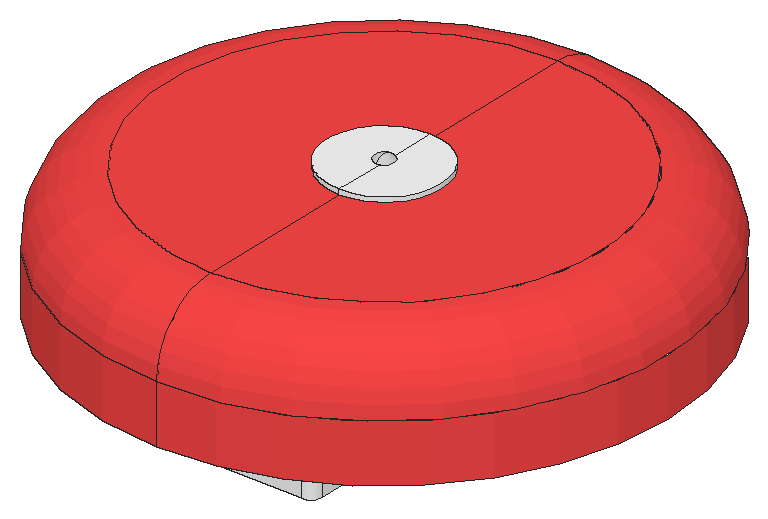
Revit family "BFS-BEL-DSD-ME-Gong", category Fire Alarm Devices, host Face, Revit 2018
Family settings
  Host = Face
  Maintain Annotation Orientation = No
  Round Connector Dimension = Use Diameter
  Part Type = Normal
  OmniClass Number = 23.29.31.15.11
  OmniClass Title = Audible Fire Notification Devices Bell
  Cut with Voids When Loaded = No
  Shared = No
  Room Calculation Point = No
Parameters (values of type "250mm")
  r/2 = Diameter / 2  # 125 mm
  Depth = 80.5 mm
  2D Symbol_DI_Offset Y [instance] = 0 mm
  2D Symbol_DI_Offset X [instance] = 0 mm
  2D Symbol_DI_Angle [instance] = 90.00°
  Default Elevation = 0 mm
  DSD.Com.Material = ""
  DSD.Com.Installed Date [instance] = ""
  DSD.Com.Commission Date [instance] = ""
  DSD.Com.CAT Code = ""
  DSD.Com.Asset Code [instance] = ""
  DSD.BFS.Wireless_Optical Zone Tag ID [instance] = ""
  DSD.BFS.Wireless_Optical Tag ID [instance] = ""
  DSD.BFS.Width = 0 mm
  DSD.BFS.Weight = ""
  DSD.BFS.Usage Unit = ""
  DSD.BFS.Unit Number [instance] = ""
  DSD.BFS.System Code [instance] = ""
  DSD.BFS.Supplier Name = ""
  DSD.BFS.Supplier Contact = ""
  DSD.BFS.Site ID = ""
  DSD.BFS.Serial Number [instance] = ""
  DSD.BFS.Remark [instance] = ""
  DSD.BFS.Priority = ""
  DSD.BFS.Place of Origin = ""
  DSD.BFS.Original Price Amount Currency = ""
  DSD.BFS.Original Price Amount [instance] = ""
  DSD.BFS.Model = ""
  DSD.BFS.Manufacturer Name = ""
  DSD.BFS.Manufacturer Contact = ""
  DSD.BFS.Manufactured Date [instance] = ""
  DSD.BFS.Maintenance Usage Threshold = ""
  DSD.BFS.Length = 0 mm
  DSD.BFS.Is Parent Entity = ""
  DSD.BFS.Height = 0 mm
  DSD.BFS.File Number [instance] = ""
  DSD.BFS.Expected Life Time = ""
  DSD.BFS.Equipment Type = ""
  DSD.BFS.Equipment Number [instance] = ""
  DSD.BFS.Equipment Name English = ""
  DSD.BFS.Equipment Name Chinese = ""
  DSD.BFS.Elevation Type = ""
  DSD.BFS.Elevation [instance] = ""
  DSD.BFS.District Code = ""
  DSD.BFS.DLP End Date [instance] = ""
  DSD.BFS.Criticality = ""
  DSD.BFS.Brand Name = ""
  DSD.BFS.Address = ""
  Diameter = 250 mm
  2D Symbol_Anno_Visible [instance] = yes
  2D Symbol_Anno_Offset Y [instance] = 0 mm
  2D Symbol_Anno_Offset X [instance] = 0 mm
  2D Symbol_Anno_Angle [instance] = 90.00°
  2D Symbol_DI_Visible [instance] = yes
  2D Symbol_DI_Scale [instance] = DI_BFS_BEL : 1 to 50
  White_255255255 = ME_White_255-255-255
  Silver_200200200 = ME_Silver_200-200-200
  Red_255000000 = ME_Red_255-000-000
Types (4, lengths in mm): name | r/2 | Depth | Default Elevation | Diameter
  (no name) | 125 | 80.5 | 0 | 250
  150mm | 75 | 64 | 1219.2 | 150
  250mm | 125 | 80.5 | 0 | 250
  200mm | 100 | 72.5 | 1219.2 | 200
Reference planes
  plane 1 "Center (Front/Back)": y = 0
  plane 2: z = 0
  plane 3 "Center (Left/Right)": x = 0
  plane 4: z = 80.5
  plane 5: z = 75.5
  plane 6: z = 20
  plane 7: y = 44
  plane 8: y = -31
  plane 9: y = 94
Forms (mm)
  Extrusion 1, solid, material "ME_White_255-255-255" <- "White_255255255", detail levels fine
    sketch origin (0, 0, 0) x (1, 0, 0) y (0, 1, 0)
      loop
        line (-39, 0) -> (39, 0)
        arc (39, 0) -> (42.536, 1.464) -> (44, 5) r 5
        line (44, 5) -> (44, 83)
        arc (44, 83) -> (42.536, 86.536) -> (39, 88) r 5
        line (39, 88) -> (-39, 88)
        arc (-39, 88) -> (-42.536, 86.536) -> (-44, 83) r 5
        line (-44, 83) -> (-44, 5)
        arc (-44, 5) -> (-42.536, 1.464) -> (-39, 0) r 5
    from 0 to 20
  Revolve 2, solid, material "ME_Red_255-000-000" <- "Red_255000000", detail levels fine
    sketch origin (0, 0, 0) x (0, 1, 0) y (0, 0, 1)
      loop
        arc (-1, 75.5) -> (-22.213, 66.713) -> (-31, 45.5) r 30
        line (-31, 45.5) -> (-31, 20) -> (94, 20) -> (94, 75.5) -> (-1, 75.5)
      axis (94, 75.5) -> (94, 20)
    angle from 0 to 360
  Revolve 3, solid, material "ME_White_255-255-255" <- "White_255255255", detail levels fine
    sketch origin (0, 0, 0) x (0, 1, 0) y (0, 0, 1)
      loop
        line (69, 75.5) -> (94, 75.5) -> (94, 77.5) -> (69, 77.5) -> (69, 75.5)
      axis (94, 77.5) -> (94, 75.5)
    angle from 0 to 360
  Revolve 4, solid, material "ME_Silver_200-200-200" <- "Silver_200200200", detail levels fine
    sketch origin (0, 0, 0) x (0, 1, 0) y (0, 0, 1)
      loop
        line (92.293, 78.5) -> (94, 77.5) -> (94, 80.5)
        arc (94, 80.5) -> (91.668, 79.98) -> (89.793, 78.5) r 5.367
        line (89.793, 78.5) -> (92.293, 78.5)
      axis (94, 80.5) -> (94, 77.5)
    angle from 0 to 360
Dimensions and locks
  "Depth": plane 4 to plane 2
  locked: plane 6 to plane 2 at 20
  locked: Extrusion 1 sketch curve to Extrusion 1 sketch curve at 88  (x2)
  "r/2": plane 8 to Revolve 2 sketch curve
  locked: plane 8 to plane 7 at 75
  locked: plane 4 to plane 5 at 5
  "r/2": plane 8 to plane 9
  locked: Revolve 3 sketch curve to Revolve 3 sketch curve at 25
  locked: Revolve 4 sketch curve to Revolve 4 sketch curve at 4.207
  locked: Revolve 4 sketch curve to Revolve 4 sketch curve at 1.707
  "2D Symbol_DI_Angle": angle plane 2 to nested 1
  "2D Symbol_Anno_Angle": angle plane 8 to nested 2
  aligned and locked: plane 2 to host face
  aligned and locked: level to host face
  aligned and locked: plane 6 to Extrusion 1
  aligned and locked: plane 1 "Center (Front/Back)" to Extrusion 1 sketch curve
  aligned and locked: Revolve 2 sketch curve to plane 5
  aligned and locked: Revolve 2 sketch curve to plane 6
  aligned and locked: plane 8 to Revolve 2 sketch curve
  aligned and locked: Revolve 2 sketch curve to Revolve 2 sketch curve
  aligned and locked: Revolve 3 sketch curve to plane 5
  aligned and locked: Revolve 3 sketch curve to Revolve 3 sketch curve
  aligned and locked: Revolve 3 sketch curve to plane 9
  aligned and locked: Revolve 4 sketch curve to plane 9
  aligned and locked: plane 9 to Revolve 4 sketch curve
Automatic sketch dimensions
  host sketch curve to host sketch curve = 2438.4 mm  (x2)
  plane 1 "Center (Front/Back)" to Revolve 2 sketch curve = 1 mm
  Revolve 2 sketch curve to level = 44 mm
  plane 4 to Revolve 2 sketch curve = 27 mm
  Extrusion 1 sketch curve to plane 3 "Center (Left/Right)" = 44 mm
  Extrusion 1 sketch curve to Extrusion 1 sketch curve = 5 mm  (x3)
  Extrusion 1 sketch curve to plane 1 "Center (Front/Back)" = 5 mm
  plane 5 to Revolve 3 sketch curve = 2 mm
  plane 6 to Revolve 3 sketch curve = 12.443 mm
  plane 4 to Revolve 3 sketch curve = 20 mm
  Revolve 4 sketch curve to plane 4 = 0 mm
  Revolve 4 sketch curve to plane 9 = 0.028 mm
  Revolve 4 sketch curve to plane 4 = 2 mm
  Revolve 4 sketch curve to Revolve 4 sketch curve = 1 mm
  Revolve 4 sketch curve to Revolve 4 sketch curve = 2.764 mm
  Revolve 4 sketch curve to Revolve 4 sketch curve = 5.792 mm
Nested families
  nested 1: "DI_BFS_BEL" at (0, 0, 0) x (-1, 0, 0) z (0, -1, 0), Offset X <- "2D Symbol_DI_Offset X", Offset Y <- "2D Symbol_DI_Offset Y", visible <- "2D Symbol_DI_Visible", type <- "2D Symbol_DI_Scale", type "1 to 50"
    with Offset Y 0 mm, Offset X 0 mm, Detail Item W 10000 mm, Detail Item H 10000 mm, 2W 20000 mm, 2H 20000 mm
  nested 2: "Anno_BFS_BEL" at (0, 44, 0), Offset  X <- "2D Symbol_Anno_Offset X", Offset Y <- "2D Symbol_Anno_Offset Y", visible <- "2D Symbol_Anno_Visible", type "BFS_BEL", detail levels coarse+medium
    with Offset Y 0 mm, Offset  X 0 mm, Annotation W 200 mm, Annotation H 200 mm, 2W 400 mm, 2H 400 mm, 2D Annotation none
Connectors
  electrical at (0, 94, 78.5)
    settings: on Revolve 4, index 1, voltage 0 V, apparent load 0 kVA, apparent load phase1 0 kVA, apparent load phase2 0 kVA, apparent load phase3 0 kVA, power factor 1, load classification "Other", number of poles 1, system type 11, power factor state 1, is connector primary yes, connector utility no, sub classification motor no, connector description ""
Definition of nested family "DI_BFS_BEL"
  Parameters (values of type "200")
    Offset Y [instance] = 0 mm
    Offset X [instance] = 0 mm
    Detail Item W [instance] = 10000 mm + Offset X  # 10000 mm
    Detail Item H [instance] = 10000 mm + Offset Y  # 10000 mm
    2W [instance] = Detail Item W * 2  # 20000 mm
    2H [instance] = Detail Item H * 2  # 20000 mm
    2D Detail Item = 291_2D_Symbol_Detail Item : 1 To 200
  Types (3, lengths in mm): name | 2D Detail Item
    50 | 291_2D_Symbol_Detail Item : 1 To 50
    100 | 291_2D_Symbol_Detail Item : 1 To 100
    200 | 291_2D_Symbol_Detail Item : 1 To 200
  Reference planes
    plane 1 "Center (Front/Back)": y = 0
    plane 2: z = 0
    plane 3 "Center (Left/Right)": x = 0
    plane 4: y = -10000
    plane 5: x = -10000
    plane 6: x = 10000
    plane 7: y = 10000
  Dimensions and locks
    "Detail Item H": plane 4 to nested 1
    "Detail Item W": plane 5 to nested 1
    "2W": plane 5 to plane 6
    "2H": plane 4 to plane 7
  Nested families
    nested 1: "291_2D_Symbol_Detail Item" at (0, 0, 0), type <- "2D Detail Item", type "1 To 200", in view "Ref. Level"
  Definition of nested family "291_2D_Symbol_Detail Item"
    Parameters (values of type "1 To 100")
      1 To 50 = no
      1 To 200 = no
      1 To 100 = yes
    Types (3, lengths in mm): name | 1 To 50 | 1 To 200 | 1 To 100
      1 To 50 | yes | no | no
      1 To 100 | no | no | yes
      1 To 200 | no | yes | no
    Reference planes
      plane 1 "Center (Front/Back)": y = 0
      plane 2: z = 0
      plane 3 "Center (Left/Right)": x = 0
    Lines and regions (mm)
      detail lines, in view "Ref. Level", visible <- "1 To 100", detail levels coarse+medium
        curve 1: circle (0, 550, 0) r 150 normal (0, 0, 1)
        curve 2: line (200, 400, 0) -> (-200, 400, 0)
        curve 3: line (-200, 400, 0) -> (-200, 0, 0)
        curve 4: line (-125, 325, 0) -> (-125, 75, 0)
        curve 5: line (125, 325, 0) -> (-125, 325, 0)
        curve 6: line (-125, 75, 0) -> (125, 75, 0)
        curve 7: line (125, 75, 0) -> (125, 325, 0)
        curve 8: line (-200, 0, 0) -> (200, 0, 0)
        curve 27: line (200, 400, 0) -> (200, 0, 0)
      detail lines, in view "Ref. Level", visible <- "1 To 200", detail levels coarse+medium
        curve 9: circle (0, 1100, 0) r 300 normal (0, 0, 1)
        curve 10: line (400, 800, 0) -> (-400, 800, 0)
        curve 11: line (400, 0, 0) -> (400, 800, 0)
        curve 12: line (250, 150, 0) -> (250, 650, 0)
        curve 13: line (250, 650, 0) -> (-250, 650, 0)
        curve 14: line (-250, 650, 0) -> (-250, 150, 0)
        curve 15: line (-250, 150, 0) -> (250, 150, 0)
        curve 16: line (-400, 800, 0) -> (-400, 0, 0)
        curve 17: line (-400, 0, 0) -> (400, 0, 0)
      detail lines, in view "Ref. Level", visible <- "1 To 50", detail levels coarse+medium
        curve 18: circle (0, 275, 0) r 75 normal (0, 0, 1)
        curve 19: line (100, 200, 0) -> (-100, 200, 0)
        curve 20: line (-100, 200, 0) -> (-100, 0, 0)
        curve 21: line (-62.5, 162.5, 0) -> (-62.5, 37.5, 0)
        curve 22: line (62.5, 162.5, 0) -> (-62.5, 162.5, 0)
        curve 23: line (-62.5, 37.5, 0) -> (62.5, 37.5, 0)
        curve 24: line (62.5, 37.5, 0) -> (62.5, 162.5, 0)
        curve 25: line (100, 0, 0) -> (100, 200, 0)
        curve 26: line (-100, 0, 0) -> (100, 0, 0)
Definition of nested family "Anno_BFS_BEL"
  Parameters (values of type "1 To 1")
    Offset Y [instance] = 0 mm
    Offset  X [instance] = 0 mm
    Annotation W [instance] = 200 mm + Offset  X  # 200 mm
    Annotation H [instance] = 200 mm + Offset Y  # 200 mm
    2W [instance] = Annotation W * 2  # 400 mm
    2H [instance] = Annotation H * 2  # 400 mm
    2D Annotation [instance] = 291_2D_Symbol_Annotation : 1 to 1
  Reference planes
    plane 1: y = 0
    plane 2: x = 0
  Lines and regions (mm)
    reference lines
      curve 1: line (-200, -141.949, 0) -> (-200, 53.051, 0)
      curve 2: line (-184.39, -200, 0) -> (165.61, -200, 0)
      curve 3: line (200, -141.949, 0) -> (200, 53.051, 0)
      curve 4: line (-184.39, 200, 0) -> (165.61, 200, 0)
  Dimensions and locks
    "Annotation W": curve 1 to nested 1
    "Annotation H": curve 2 to nested 1
    "2H": curve 2 to curve 4
    "2W": curve 1 to curve 3
  Automatic sketch dimensions
    curve 1 to plane 1 = 53.051 mm
    curve 1 to plane 2 = 200 mm
    curve 1 to curve 4 = 15.61 mm
    curve 1 to curve 2 = 15.61 mm
    curve 4 to curve 3 = 34.39 mm
    curve 2 to curve 3 = 34.39 mm
    curve 3 to plane 1 = 53.051 mm
    plane 1 to curve 1 = 141.949 mm
    plane 1 to curve 3 = 141.949 mm
    curve 2 to curve 3 = 58.051 mm
  Nested families
    nested 1: "291_2D_Symbol_Annotation" at (0, 0, 0), type <- "2D Annotation", type "1 to 1"
  Definition of nested family "291_2D_Symbol_Annotation"
    Reference planes
      plane 1: y = 0
      plane 2: x = 0
    Lines and regions (mm)
      detail lines
        curve 1: line (2, 0, 0) -> (2, 4, 0)
        curve 2: line (2, 4, 0) -> (-2, 4, 0)
        curve 3: line (-2, 4, 0) -> (-2, 0, 0)
        curve 4: line (-1.25, 3.25, 0) -> (-1.25, 0.75, 0)
        curve 5: line (1.25, 3.25, 0) -> (-1.25, 3.25, 0)
        curve 6: line (1.25, 0.75, 0) -> (1.25, 3.25, 0)
        curve 7: line (-1.25, 0.75, 0) -> (1.25, 0.75, 0)
        curve 8: line (-2, 0, 0) -> (2, 0, 0)
        curve 9: circle (0, 5.5, 0) r 1.5 normal (0, 0, 1)
